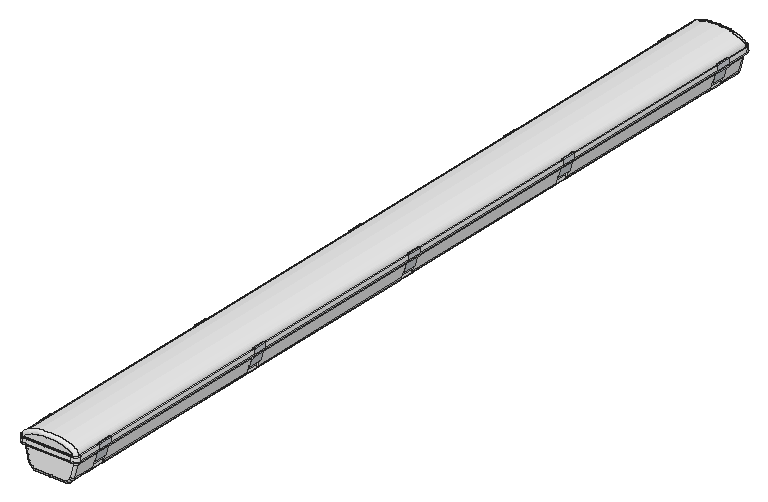
Revit family "0068074", category Lighting Fixtures, host Face, Revit 2017
Family settings
  Host = Face
  Round Connector Dimension = Use Diameter
  Part Type = Normal
  OmniClass Number = 23.80.70.11.14
  OmniClass Title = General Luminaries, Directional
  Cut with Voids When Loaded = Yes
  Light Source = Yes
  Shared = No
  Room Calculation Point = No
Parameters (values of type "0068074 ST WTRPRF GRP T 1500 HO IP65 8300LM 840Q")
  Width = 110 mm
  Weight = "2.73 kg"
  Wattage Comments = "n/a"
  Wattage = 67 W
  WarrantyStartDate [instance] = "n/a"
  WarrantyGuarantorParts = "n/a"
  WarrantyDurationUnit = "n/a"
  WarrantyDurationParts = "n/a"
  WarrantyDescription = "n/a"
  built-in parameter 1150110 = 1 (stored number, unit not read)
  Voltage = 0 V
  URL = "http://www.sylvania-lighting.com"
  TypeName = "START Waterproof GRP Twin 1500 HO IP65 8300lm 840Q"
  Type Image = <None>
  Type Comments = "n/a"
  built-in parameter 1114217 = 1 (stored number, unit not read)
  Tilt Angle = -90.00°
  built-in parameter 1150109 = 1 (stored number, unit not read)
  built-in parameter 1150134 = 12
  built-in parameter 1150113 = 1 (stored number, unit not read)
  SerialNumber [instance] = "n/a"
  ReflectorMaterial = none
  PowerFactor = 0.99
  PowerConsumption = "67 W"
  Photometric Web File = "0068074.ies"
  NominalWidth = 0 mm
  NominalLength = 1578 mm
  NominalHeight = 78 mm
  Name = "START Waterproof GRP Twin 1500 HO IP65 8300lm 840Q"
  ModelReference = "START Waterproof GRP Twin 1500 HO IP65 8300lm 840Q"
  ModelNumber = "0068074"
  Model = "START Waterproof GRP Twin 1500 HO IP65 8300lm 840Q"
  Material = "composite material housing, pc polycarbonate diffuser"
  ManufacturerName = "Feilo Sylvania"
  Manufacturer = "Feilo Sylvania"
  LuminousEfficacy = "124 lm/W"
  built-in parameter 1150105 = 661.13 (stored number, unit not read)
  Lumens = 8308 lm
  LuminaireType = ""
  built-in parameter 1150115 = 1 (stored number, unit not read)
  LightOutputRatio = "n/a"
  built-in parameter 1150137 = (empty or 0)
  built-in parameter 1150139 = (empty or 0)
  Length = 1572 mm
  LampsType = Lamp  # "LED"
  LampNominalLuminous = "8300 lm"
  LampMacAdamStep = "5"
  LampColourTemperature = "4000 K"
  LampColourRenderingIndex = "80"
  built-in parameter 1150112 = 1 (stored number, unit not read)
  built-in parameter 1150114 = 1 (stored number, unit not read)
  Lamp = "LED"
  Keynote = "16500"
  InstallationDate [instance] = "n/a"
  InputVoltage = "n/a"
  InputNominalFrequency = "n/a"
  built-in parameter 1150132 = (empty or 0)
  built-in parameter 1150102 = (empty or 0)
  built-in parameter 1150107 = 4000 (stored number, unit not read)
  built-in parameter 1150138 = (empty or 0)
  IngressProtection = "IP65"
  ImpactProtectionIndex = "IK08"
  built-in parameter 1150106 = 6.6113 (stored number, unit not read)
  IfcExportType = "IfcLightFixtureType"
  IfcExportAs = "IfcLightFixtureType"
  ExpectedLife = 50000
  Emit from Rectangle Width = Width - 20 mm  # 90 mm
  Emit from Rectangle Length = Length - 20 mm  # 1552 mm
  Emit Shape Visible in Rendering = no
  ElectricShockClassification = "Class I"
  built-in parameter 1150104 = 11.52 (stored number, unit not read)
  DurationUnit = "hours"
  DocumentationLiterature = "http://www.sylvania-lighting.com/product/en-int/products/0068074"
  DimmingControlOptions = "n/a"
  Dimming Lamp Color Temperature Shift = <None>
  DiffuserMaterial = Diffuser-Sylvania-Transparent
  Description = "Start Waterproof, integrated LED weatherproof luminaire, with UV stabilized flat diffuser and linear prisms designed to achieve uniform lit appearance, optimise light output and to reduce glare, stainless steel diffuser clips and fixing brackets for surface and wall mounting. Glass Reinforced Plastic housing for robustness, Polycarbonate diffuser, 8300lm, 67W, 124 lm/W, 4000 K, drive current 1010 mA, non dimmable, 3 hours emergency, CRI 80, IP65, IK08, Class I, nominal average life (h): 50000, 1578mm x 110mm x 78mm, energy class: A++ A+ A, D-mark"
  Default Elevation = 1219.2 mm
  CreatedOn = "10/3/2019"
  CreatedBy = "@sylvania-lighting.com"
  Cost = 0
  Color Filter = 16777215
  built-in parameter 1114216 [instance] = (empty or 0)
  ClassificationValue = "EF_70_80"
  ClassificationName = "Uniclass2015"
  BodyMaterial = Body-Sylvania-Gray
  BarCode [instance] = "n/a"
  built-in parameter 1114218 = 1 (stored number, unit not read)
  built-in parameter 1150133 = 10 (stored number, unit not read)
  AssetType = "Fixed"
  AssetIdentifier [instance] = "n/a"
  Assembly Code = "D5020200"
  Apparent Load = 67 VA
  AccessoryMaterial = Diffuser-Sylvania-Glow
Reference planes
  plane 1 "Center (Front/Back)": y = 0
  plane 2: z = 0
  plane 3 "Center (Left/Right)": x = 0
  plane 4: z = 54
  plane 5: x = -27.7
  plane 6: x = -34.8
  plane 7: x = -39.6
  plane 8: x = -42.2
  plane 9: z = 3
  plane 10: z = 7.8
  plane 11: z = 12.3
  plane 12: z = 36.6
  plane 13: z = 42.8
  plane 14: x = -51.1
  plane 15: z = 46.2
  plane 16: x = -55
  plane 17: y = 786
  plane 18: y = -786
  plane 19: x = 27.7
  plane 20: x = 34.8
  plane 21: x = 39.6
  plane 22: x = 42.2
  plane 23: x = 51.1
  plane 24: x = 55
  plane 25: y = 778.4
  plane 26: y = -778.4
  plane 27: y = -774.7
  plane 28: y = 774.7
  plane 29: z = 74
  plane 30: x = -51.5
  plane 31: x = 51.5
  plane 32: z = 55.2
  plane 33: y = -782.5
  plane 34: y = 782.5
  plane 35: x = -37.5
  plane 36: x = 37.5
  plane 37: x = -48.7
  plane 38: x = 48.7
  plane 39: x = 18
  plane 40: x = -18
  plane 41: z = 50.2
  plane 42: z = 24.6
  plane 43: y = 720
  plane 44: y = 706
  plane 45: y = 734
  plane 46: y = -720
  plane 47: y = 720
  plane 48: y = 706
  plane 49: y = 734
  plane 50: y = -720
  plane 51: y = -734
  plane 52: y = -706
  plane 53: y = 360
  plane 54: y = 346
  plane 55: y = 374
  plane 56: y = 0
  plane 57: y = -14
  plane 58: y = 14
  plane 59: y = -360
  plane 60: y = -374
  plane 61: y = -346
Forms (mm)
  Sweep 1, solid, material "Body-Sylvania-Gray" <- "BodyMaterial", detail levels medium+fine
    path origin (1223.4, -4572, 54) x (0, -1, 0) y (1, 0, 0)
      loop
        arc (-3796, -1278.4) -> (-3788.929, -1275.471) -> (-3786, -1268.4) r 10
        line (-3786, -1268.4) -> (-3786, -1178.4)
        arc (-3786, -1178.4) -> (-3788.929, -1171.329) -> (-3796, -1168.4) r 10
        line (-3796, -1168.4) -> (-5348, -1168.4)
        arc (-5348, -1168.4) -> (-5355.071, -1171.329) -> (-5358, -1178.4) r 10
        line (-5358, -1178.4) -> (-5358, -1268.4)
        arc (-5358, -1268.4) -> (-5355.071, -1275.471) -> (-5348, -1278.4) r 10
        line (-5348, -1278.4) -> (-3796, -1278.4)
    profile origin (-55, 0, 54) x (-1, 0, 0) y (0, 0, 1)
      loop
        line (0, 0) -> (-1, 0) -> (-1, -7.726)
        arc (-1, -7.726) -> (-1.994, -9.498) -> (-3.9, -10.2) r 2.937
        line (-3.9, -10.2) -> (-8.571, -10.2) -> (-8.571, -11.2) -> (-3.9, -11.2)
        arc (-3.9, -11.2) -> (-1.313, -10.231) -> (0, -7.8) r 3.937
        line (0, -7.8) -> (0, 0)
  Sweep 2, solid, material "Body-Sylvania-Gray" <- "BodyMaterial", detail levels medium+fine
    path origin (0, 0, 0) x (1, 0, 0) y (0, 0, 1)
      loop
        line (48.7, 42.8) -> (48.7, 36.6) -> (42.203, 12.31)
        arc (42.203, 12.31) -> (41.199, 9.884) -> (39.6, 7.8) r 10.052
        line (39.6, 7.8) -> (34.8, 3)
        arc (34.8, 3) -> (31.554, 0.781) -> (27.7, 0) r 9.902
        line (27.7, 0) -> (0, 0) -> (-27.7, 0)
        arc (-27.7, 0) -> (-31.554, 0.781) -> (-34.8, 3) r 9.902
        line (-34.8, 3) -> (-39.6, 7.8)
        arc (-39.6, 7.8) -> (-41.199, 9.884) -> (-42.203, 12.31) r 10.052
        line (-42.203, 12.31) -> (-48.7, 36.6) -> (-48.7, 42.8)
    profile origin (0, 0, 0) x (0, 0, -1) y (0, -1, 0)
      loop
        arc (0, 773.4) -> (-1.464, 776.936) -> (-5, 778.4) r 5
        line (-5, 778.4) -> (-7.8, 778.4) -> (-7.8, -778.4) -> (-5, -778.4)
        arc (-5, -778.4) -> (-1.464, -776.936) -> (0, -773.4) r 5
        line (0, -773.4) -> (0, 773.4)
  Extrusion 3, solid, material "Body-Sylvania-Gray" <- "BodyMaterial", detail levels medium+fine
    sketch origin (1524, 778.4, 1219.2) x (1, 0, 0) y (0, 0, 1)
      loop
        arc (-1558.668, -1204.874) -> (-1558.443, -1205.418) -> (-1558.085, -1205.885) r 2.252
        line (-1558.085, -1205.885) -> (-1553.231, -1210.738)
        arc (-1553.231, -1210.738) -> (-1552.534, -1211.227) -> (-1551.7, -1211.4) r 2.102
        line (-1551.7, -1211.4) -> (-1496.3, -1211.4)
        arc (-1496.3, -1211.4) -> (-1495.466, -1211.227) -> (-1494.769, -1210.738) r 2.102
        line (-1494.769, -1210.738) -> (-1489.915, -1205.885)
        arc (-1489.915, -1205.885) -> (-1489.557, -1205.418) -> (-1489.332, -1204.874) r 2.252
        line (-1489.332, -1204.874) -> (-1483.1, -1181.575) -> (-1483.1, -1176.4) -> (-1564.9, -1176.4) -> (-1564.9, -1181.575) -> (-1558.668, -1204.874)
    from 0 to 1556.8
  Sweep 4, solid, material "Diffuser-Sylvania-Transparent" <- "DiffuserMaterial", detail levels medium+fine
    path origin (0, 0, 0) x (1, 0, 0) y (0, 0, 1)
      loop
        spline (-51.5, 55.2) -> (-49.745, 60.066) -> (-44.6, 64.6) -> (-36.416, 68.494) -> (-25.75, 71.481) -> (-13.329, 73.359) -> (0, 74) -> (13.329, 73.359) -> (25.75, 71.481) -> (36.416, 68.494) -> (44.6, 64.6) -> (49.745, 60.066) -> (51.5, 55.2)
    profile origin (51.5, 0, 55.2) x (0, -1, 0) y (1, 0, 0)
      loop
        arc (782.5, -5.5) -> (780.889, -1.611) -> (777, 0) r 5.5
        line (777, 0) -> (-777, 0)
        arc (-777, 0) -> (-780.889, -1.611) -> (-782.5, -5.5) r 5.5
        line (-782.5, -5.5) -> (-782.5, -6.3) -> (-781.5, -6.3) -> (-781.5, -5.5)
        arc (-781.5, -5.5) -> (-780.182, -2.318) -> (-777, -1) r 4.5
        line (-777, -1) -> (777, -1)
        arc (777, -1) -> (780.182, -2.318) -> (781.5, -5.5) r 4.5
        line (781.5, -5.5) -> (781.5, -6.347) -> (782.5, -6.347) -> (782.5, -5.5)
  Extrusion 5, solid, material "Diffuser-Sylvania-Transparent" <- "DiffuserMaterial", detail levels medium+fine
    sketch origin (1524, -782.5, 1219.2) x (1, 0, 0) y (0, 0, 1)
      loop
        line (-1569.653, -1164) -> (-1478.347, -1164)
        spline (-1478.347, -1164) -> (-1478.969, -1162.594) -> (-1482.527, -1159.545) -> (-1489.588, -1156.201) -> (-1499.458, -1153.445) -> (-1511.242, -1151.663) -> (-1524, -1151.049) -> (-1536.758, -1151.663) -> (-1548.542, -1153.445) -> (-1558.412, -1156.201) -> (-1565.473, -1159.545) -> (-1569.031, -1162.594) -> (-1569.653, -1164)
    from 0 to -1
  Extrusion 6, solid, material "Diffuser-Sylvania-Transparent" <- "DiffuserMaterial", detail levels medium+fine
    sketch origin (1524, 782.5, 1219.2) x (1, 0, 0) y (0, 0, 1)
      loop
        spline (-1478.3, -1164) -> (-1478.931, -1162.565) -> (-1482.502, -1159.505) -> (-1489.572, -1156.155) -> (-1499.446, -1153.394) -> (-1511.236, -1151.614) -> (-1524, -1151.007) -> (-1536.764, -1151.614) -> (-1548.554, -1153.394) -> (-1558.428, -1156.155) -> (-1565.498, -1159.505) -> (-1569.069, -1162.565) -> (-1569.7, -1164)
        line (-1569.7, -1164) -> (-1478.3, -1164)
    from 0 to 1
  Extrusion 7, solid, material "Diffuser-Sylvania-Transparent" <- "DiffuserMaterial", detail levels medium+fine
    sketch origin (1223.4, -4572, 55.2) x (0, -1, 0) y (-1, 0, 0)
      loop
        arc (-5353.5, 1177.4) -> (-5352.182, 1174.218) -> (-5349, 1172.9) r 4.5
        line (-5349, 1172.9) -> (-3795, 1172.9)
        arc (-3795, 1172.9) -> (-3791.818, 1174.218) -> (-3790.5, 1177.4) r 4.5
        line (-3790.5, 1177.4) -> (-3790.5, 1269.4)
        arc (-3790.5, 1269.4) -> (-3791.818, 1272.582) -> (-3795, 1273.9) r 4.5
        line (-3795, 1273.9) -> (-5349, 1273.9)
        arc (-5349, 1273.9) -> (-5352.182, 1272.582) -> (-5353.5, 1269.4) r 4.5
        line (-5353.5, 1269.4) -> (-5353.5, 1177.4)
      loop
        line (-5358, 1268.4) -> (-5358, 1178.4)
        arc (-5358, 1178.4) -> (-5355.071, 1171.329) -> (-5348, 1168.4) r 10
        line (-5348, 1168.4) -> (-3796, 1168.4)
        arc (-3796, 1168.4) -> (-3788.929, 1171.329) -> (-3786, 1178.4) r 10
        line (-3786, 1178.4) -> (-3786, 1268.4)
        arc (-3786, 1268.4) -> (-3788.929, 1275.471) -> (-3796, 1278.4) r 10
        line (-3796, 1278.4) -> (-5348, 1278.4)
        arc (-5348, 1278.4) -> (-5355.071, 1275.471) -> (-5358, 1268.4) r 10
    from 0 to 1.2
  Extrusion 8, solid, material "Diffuser-Sylvania-Glow" <- "AccessoryMaterial", detail levels fine
    sketch origin (0, 0, 0) x (1, 0, 0) y (0, 0, 1)
      loop
        circle (-18, 50.2) r 8
      loop
        circle (18, 50.2) r 8
    from -774.7 to 774.7
  Extrusion 9, void
    sketch origin (0, 720, 2343.807) x (0, 0, -1) y (-1, 0, 0)
      loop
        line (2340.807, -37.5) -> (2331.507, -37.5) -> (2319.207, -42.2) -> (2319.207, -48.7) -> (2340.807, -48.7) -> (2340.807, -37.5)
      loop
        line (2340.807, 37.5) -> (2340.807, 48.7) -> (2319.207, 48.7) -> (2319.207, 42.2) -> (2331.507, 37.5) -> (2340.807, 37.5)
    from -14 to 14
  Extrusion 10, solid, material "Body-Sylvania-Gray" <- "BodyMaterial", detail levels coarse
    sketch origin (0, 0, 0) x (1, 0, 0) y (0, 0, 1)
      loop
        line (55, 42.8) -> (55, 55.2) -> (-55, 55.2) -> (-55, 42.791) -> (-42.2, 0) -> (42.2, 0) -> (55, 42.8)
    from -786 to 786
  Extrusion 11, solid, material "Diffuser-Sylvania-Transparent" <- "DiffuserMaterial", detail levels coarse
    sketch origin (0, 0, 0) x (1, 0, 0) y (0, 0, 1)
      loop
        arc (51.5, 55.2) -> (0, 74) -> (-51.5, 55.2) r 79.939
        line (-51.5, 55.2) -> (51.5, 55.2)
    from 778.4 to -778.4
  Extrusion 12, void, not visible
    sketch origin (0, 720, 2343.807) x (0, 0, -1) y (-1, 0, 0)
      loop
        line (2340.807, -37.5) -> (2331.507, -37.5) -> (2319.207, -42.2) -> (2319.207, -48.7) -> (2340.807, -48.7) -> (2340.807, -37.5)
      loop
        line (2340.807, 37.5) -> (2340.807, 48.7) -> (2319.207, 48.7) -> (2319.207, 42.2) -> (2331.507, 37.5) -> (2340.807, 37.5)
    from -14 to 14
  Extrusion 13, void
    sketch origin (0, -720, 2343.807) x (0, 0, -1) y (-1, 0, 0)
      loop
        line (2340.807, -37.5) -> (2331.507, -37.5) -> (2319.207, -42.2) -> (2319.207, -48.7) -> (2340.807, -48.7) -> (2340.807, -37.5)
      loop
        line (2340.807, 37.5) -> (2340.807, 48.7) -> (2319.207, 48.7) -> (2319.207, 42.2) -> (2331.507, 37.5) -> (2340.807, 37.5)
    from -14 to 14
  Extrusion 14, void
    sketch origin (0, 360, 2343.807) x (0, 0, -1) y (-1, 0, 0)
      loop
        line (2340.807, -37.5) -> (2331.507, -37.5) -> (2319.207, -42.2) -> (2319.207, -48.7) -> (2340.807, -48.7) -> (2340.807, -37.5)
      loop
        line (2340.807, 37.5) -> (2340.807, 48.7) -> (2319.207, 48.7) -> (2319.207, 42.2) -> (2331.507, 37.5) -> (2340.807, 37.5)
    from -14 to 14
  Extrusion 15, void
    sketch origin (0, 0, 2343.807) x (0, 0, -1) y (-1, 0, 0)
      loop
        line (2340.807, -37.5) -> (2331.507, -37.5) -> (2319.207, -42.2) -> (2319.207, -48.7) -> (2340.807, -48.7) -> (2340.807, -37.5)
      loop
        line (2340.807, 37.5) -> (2340.807, 48.7) -> (2319.207, 48.7) -> (2319.207, 42.2) -> (2331.507, 37.5) -> (2340.807, 37.5)
    from -14 to 14
  Extrusion 16, void
    sketch origin (0, -360, 2343.807) x (0, 0, -1) y (-1, 0, 0)
      loop
        line (2340.807, -37.5) -> (2331.507, -37.5) -> (2319.207, -42.2) -> (2319.207, -48.7) -> (2340.807, -48.7) -> (2340.807, -37.5)
      loop
        line (2340.807, 37.5) -> (2340.807, 48.7) -> (2319.207, 48.7) -> (2319.207, 42.2) -> (2331.507, 37.5) -> (2340.807, 37.5)
    from -14 to 14
Cuts and joins
  Extrusion 9, Extrusion 13, Extrusion 14, Extrusion 15, Extrusion 16 cuts Sweep 2
  Extrusion 13, Extrusion 14, Extrusion 15, Extrusion 16 cuts Extrusion 3
  joined: Sweep 2, Extrusion 3
  joined: Sweep 4, Extrusion 5, Extrusion 6
Dimensions and locks
  locked: plane 4 to plane 2 at 54
  plane 5 to plane 6 to plane 7 to plane 8 to plane 14 to plane 16 = 7.1 mm locked, 4.8 mm locked, 2.6 mm locked, 8.9 mm, 3.9 mm
  plane 4 to plane 15 to plane 13 to plane 12 to plane 11 to plane 10 to plane 9 = 7.8 mm locked, 3.4 mm, 6.2 mm locked, 24.3 mm locked, 4.5 mm locked, 4.8 mm locked
  equal spacing: plane 18, plane 1 "Center (Front/Back)", plane 17
  "Length": plane 18 to plane 17
  plane 19 to plane 20 to plane 21 to plane 22 to plane 23 to plane 24 = 7.1 mm locked, 4.8 mm locked, 2.6 mm locked, 8.9 mm, 3.9 mm
  equal spacing: plane 24, plane 3 "Center (Left/Right)", plane 16
  "Width": plane 24 to plane 16
  equal spacing: plane 27, plane 1 "Center (Front/Back)", plane 28
  locked: plane 26 to plane 27 at 3.7
  locked: Sweep 1 sketch curve to profile plane at 1
  locked: Sweep 1 sketch curve to plane 13 at 1
  locked: Sweep 1 sketch curve to plane 13 at 3.937  (x2)
  locked: Sweep 1 sketch curve to profile plane at 3.9  (x2)
  locked: plane 29 to plane 4 at 20
  equal spacing: plane 31, plane 3 "Center (Left/Right)", plane 30
  locked: plane 30 to plane 16 at 3.5
  locked: plane 32 to plane 4 at 1.2
  equal spacing: plane 33, plane 1 "Center (Front/Back)", plane 34
  equal spacing: plane 36, plane 3 "Center (Left/Right)", plane 35
  locked: plane 3 "Center (Left/Right)" to plane 35 at 37.5
  locked: plane 34 to plane 17 at 3.5
  equal spacing: plane 38, plane 3 "Center (Left/Right)", plane 37
  locked: plane 37 to plane 16 at 6.3
  equal spacing: plane 25, plane 1 "Center (Front/Back)", plane 26
  locked: plane 17 to plane 25 at 7.6
  locked: Sweep 2 sketch curve to plane 2 at 5  (x2)
  locked: Sweep 2 sketch curve to plane 26 at 5
  locked: plane 25 to Sweep 2 sketch curve at 5
  locked: Sweep 4 sketch curve to plane 31 at 5.5  (x2)
  locked: Sweep 4 sketch curve to plane 34 at 5.5
  plane 33 to Sweep 4 sketch curve = 5.5 mm
  locked: plane 34 to Sweep 4 sketch curve at 1
  locked: Sweep 4 sketch curve to plane 31 at 1
  locked: Sweep 4 sketch curve to Sweep 4 sketch curve at 1
  locked: Sweep 4 sketch curve to plane 31 at 6.347
  locked: Sweep 4 sketch curve to plane 31 at 6.3
  equal spacing: plane 39, plane 3 "Center (Left/Right)", plane 40
  locked: plane 3 "Center (Left/Right)" to plane 40 at 18
  locked: plane 42 to plane 2 at 24.6
  plane 45 to plane 43 to plane 44 = 14 mm locked, 14 mm locked
  locked: plane 17 to plane 43 at 66
  equal spacing: plane 43, plane 1 "Center (Front/Back)", plane 46
  plane 49 to plane 47 to plane 48 = 14 mm locked, 14 mm locked
  plane 52 to plane 50 to plane 51 = 14 mm locked, 14 mm locked  (x2)
  equal spacing: group 1, group 6, group 7, group 8, group 5  (x2)
  equal spacing: group 5, group 8, group 7, group 6, group 1
  plane 55 to plane 53 to plane 54 = 14 mm locked, 14 mm locked  (x2)
  plane 58 to plane 56 to plane 57 = 14 mm locked, 14 mm locked  (x2)
  plane 61 to plane 59 to plane 60 = 14 mm locked, 14 mm locked  (x2)
  plane 43 to plane 53 to plane 1 "Center (Front/Back)" to plane 59 to plane 50 = 360 mm locked, 360 mm locked, 360 mm locked, 360 mm locked
  aligned and locked: plane 2 to host face
  aligned and locked: level to host face
  aligned and locked: plane 16 to Sweep 1 sketch curve
  aligned and locked: Sweep 1 sketch curve to plane 24
  aligned and locked: plane 18 to Sweep 1 sketch curve
  aligned and locked: Sweep 1 sketch curve to plane 13
  aligned and locked: profile plane to Sweep 1 sketch curve
  aligned and locked: plane 3 "Center (Left/Right)" to Sweep 2 sketch curve
  aligned and locked: plane 9 to Sweep 2 sketch curve
  aligned and locked: plane 10 to Sweep 2 sketch curve
  aligned and locked: plane 37 to Sweep 2 sketch curve
  aligned and locked: plane 12 to Sweep 2 sketch curve
  aligned and locked: Sweep 2 sketch curve to level
  aligned and locked: plane 21 to Sweep 2 sketch curve
  aligned and locked: plane 38 to Sweep 2 sketch curve
  aligned and locked: profile plane to Sweep 2 sketch curve
  aligned and locked: plane 25 to Sweep 2 sketch curve
  aligned and locked: Sweep 2 sketch curve to plane 10
  aligned and locked: Extrusion 3 sketch curve to Sweep 2  (x7)
  aligned and locked: Sweep 2 to Extrusion 3 sketch curve
  aligned and locked: Extrusion 3 to plane 25
  aligned and locked: plane 26 to Extrusion 3
  aligned and locked: plane 32 to Sweep 4 sketch curve
  aligned and locked: plane 33 to Sweep 4 sketch curve
  aligned and locked: Sweep 4 to Extrusion 5
  aligned and locked: plane 33 to Extrusion 5
  aligned and locked: Extrusion 5 sketch curve to Sweep 4
  aligned and locked: cut or joined group of Sweep 4, Extrusion 5, Extrusion 6 to Extrusion 6 sketch curve
  aligned and locked: Extrusion 7 sketch curve to cut or joined group of Sweep 4, Extrusion 5, Extrusion 6  (x2)
  aligned and locked: cut or joined group of Sweep 4, Extrusion 5, Extrusion 6 to Extrusion 7 sketch curve  (x2)
  aligned and locked: plane 41 to Extrusion 8 sketch curve  (x2)
  aligned and locked: plane 39 to Extrusion 8 sketch curve
  aligned and locked: plane 27 to Extrusion 8
  aligned and locked: Extrusion 8 to plane 28
  aligned and locked: Extrusion 9 to plane 42
  aligned and locked: plane 9 to Extrusion 9
  aligned and locked: plane 44 to Extrusion 9
  aligned and locked: Extrusion 9 to plane 45
  aligned and locked: Extrusion 7 sketch curve to Sweep 1  (x4)
  aligned and locked: plane 4 to Extrusion 7
  aligned and locked: Extrusion 7 to plane 32
  aligned and locked: nested 2 to plane 43
  aligned and locked: plane 43 to nested 1
  aligned and locked: Extrusion 10 sketch curve to plane 24
  aligned and locked: Extrusion 10 sketch curve to Extrusion 7
  aligned and locked: plane 8 to Extrusion 10 sketch curve
  aligned and locked: plane 22 to Extrusion 10 sketch curve
  aligned and locked: level to Extrusion 10 sketch curve
  aligned and locked: Extrusion 10 to plane 17
  aligned and locked: plane 18 to Extrusion 10
  aligned and locked: cut or joined group of Sweep 4, Extrusion 5, Extrusion 6 to Extrusion 11 sketch curve
  aligned and locked: Extrusion 11 sketch curve to cut or joined group of Sweep 4, Extrusion 5, Extrusion 6  (x2)
  aligned and locked: plane 31 to Extrusion 11 sketch curve
  aligned and locked: plane 30 to Extrusion 11 sketch curve
  aligned and locked: plane 26 to Extrusion 11
  aligned and locked: Extrusion 11 to plane 25
  aligned and locked: imposter light to plane 29
  aligned and locked: plane 3 "Center (Left/Right)" to imposter light
  aligned and locked: plane 1 "Center (Front/Back)" to imposter light
  aligned and locked: plane 51 to Extrusion 13
  aligned and locked: Extrusion 13 to plane 52
  aligned and locked: plane 54 to Extrusion 14
  aligned and locked: Extrusion 14 to plane 55
  aligned and locked: plane 57 to Extrusion 15
  aligned and locked: Extrusion 15 to plane 58
  aligned and locked: plane 60 to Extrusion 16
  aligned and locked: Extrusion 16 to plane 61
  aligned and locked: nested 3 to plane 53
  aligned and locked: plane 53 to nested 10
  aligned and locked: nested 4 to plane 56
  aligned and locked: plane 56 to nested 9
  aligned and locked: nested 5 to plane 59
  aligned and locked: plane 59 to nested 8
  aligned and locked: nested 6 to plane 50
  aligned and locked: plane 50 to nested 7
Automatic sketch dimensions
  host sketch curve to host sketch curve = 2438.4 mm  (x2)
  plane 17 to Sweep 1 sketch curve = 0 mm
  Sweep 1 sketch curve to plane 28 = 1.3 mm
  Sweep 1 sketch curve to plane 7 = 5.4 mm
  plane 27 to Sweep 1 sketch curve = 1.3 mm  (x2)
  Sweep 1 sketch curve to Sweep 1 sketch curve = 4.671 mm
  Sweep 1 sketch curve to plane 4 = 0 mm
  Sweep 2 sketch curve to plane 7 = 0 mm
  Sweep 2 sketch curve to plane 6 = 0 mm
  Sweep 2 sketch curve to plane 5 = 0 mm
  plane 19 to Sweep 2 sketch curve = 0 mm
  Sweep 2 sketch curve to plane 9 = 0 mm
  plane 20 to Sweep 2 sketch curve = 0 mm
  Sweep 2 sketch curve to plane 12 = 0 mm
  Sweep 2 sketch curve to plane 10 = 0 mm
  Sweep 2 sketch curve to plane 13 = 0 mm  (x2)
  Sweep 2 sketch curve to plane 8 = 0.003 mm
  plane 6 to Sweep 2 sketch curve = 2.308 mm
  plane 20 to Sweep 2 sketch curve = 2.308 mm
  Sweep 2 sketch curve to plane 22 = 0.003 mm
  Sweep 2 sketch curve to plane 11 = 0.01 mm  (x2)
  Extrusion 3 sketch curve to plane 5 = 0 mm
  plane 19 to Extrusion 3 sketch curve = 0 mm
  plane 6 to Extrusion 3 sketch curve = 0.132 mm
  plane 6 to Extrusion 3 sketch curve = 0.715 mm
  Extrusion 3 sketch curve to Extrusion 3 sketch curve = 1.592 mm
  Extrusion 3 sketch curve to plane 10 = 0.662 mm  (x2)
  plane 20 to Extrusion 3 sketch curve = 2.308 mm
  plane 20 to Extrusion 3 sketch curve = 0.715 mm
  plane 20 to Extrusion 3 sketch curve = 0.132 mm
  Sweep 4 sketch curve to plane 30 = 0 mm
  Sweep 4 sketch curve to plane 3 "Center (Left/Right)" = 0 mm
  Sweep 4 sketch curve to Sweep 4 sketch curve = 0 mm  (x2)
  plane 37 to Extrusion 5 sketch curve = 3.047 mm
  Extrusion 5 sketch curve to plane 38 = 3.047 mm
  plane 37 to Extrusion 6 sketch curve = 3 mm
  Extrusion 6 sketch curve to plane 38 = 3 mm
  plane 25 to Extrusion 7 sketch curve = 1.4 mm  (x2)
  Extrusion 7 sketch curve to plane 26 = 1.4 mm  (x2)
  Extrusion 8 sketch curve to plane 40 = 0 mm
  Extrusion 9 sketch curve to Extrusion 9 sketch curve = 0 mm
  Extrusion 9 sketch curve to Extrusion 9 sketch curve = 12.3 mm  (x2)
  Extrusion 9 sketch curve to Extrusion 9 sketch curve = 9.3 mm  (x2)
  Extrusion 9 sketch curve to Extrusion 9 sketch curve = 6.5 mm
  Extrusion 9 sketch curve to Extrusion 9 sketch curve = 4.7 mm  (x2)
  Extrusion 9 sketch curve to Extrusion 9 sketch curve = 75 mm
  Extrusion 9 sketch curve to Extrusion 9 sketch curve = 11.2 mm
  Extrusion 10 sketch curve to plane 13 = 0 mm
  plane 13 to Extrusion 10 sketch curve = 0.009 mm
  Extrusion 11 sketch curve to level = 5.939 mm
  Extrusion 10 sketch curve to plane 16 = 0 mm
  Extrusion 12 sketch curve to Extrusion 12 sketch curve = 0 mm
  Extrusion 12 sketch curve to Extrusion 12 sketch curve = 12.3 mm  (x2)
  Extrusion 12 sketch curve to Extrusion 12 sketch curve = 9.3 mm  (x2)
  Extrusion 12 sketch curve to Extrusion 12 sketch curve = 6.5 mm
  Extrusion 12 sketch curve to Extrusion 12 sketch curve = 4.7 mm  (x2)
  Extrusion 12 sketch curve to Extrusion 12 sketch curve = 75 mm
  Extrusion 12 sketch curve to Extrusion 12 sketch curve = 11.2 mm
  Extrusion 13 sketch curve to Extrusion 13 sketch curve = 0 mm
  Extrusion 13 sketch curve to Extrusion 13 sketch curve = 12.3 mm  (x2)
  Extrusion 13 sketch curve to Extrusion 13 sketch curve = 9.3 mm  (x2)
  Extrusion 13 sketch curve to Extrusion 13 sketch curve = 6.5 mm
  Extrusion 13 sketch curve to Extrusion 13 sketch curve = 4.7 mm  (x2)
  Extrusion 13 sketch curve to Extrusion 13 sketch curve = 75 mm
  Extrusion 13 sketch curve to Extrusion 13 sketch curve = 11.2 mm
  Extrusion 14 sketch curve to Extrusion 14 sketch curve = 0 mm
  Extrusion 14 sketch curve to Extrusion 14 sketch curve = 12.3 mm  (x2)
  Extrusion 14 sketch curve to Extrusion 14 sketch curve = 9.3 mm  (x2)
  Extrusion 14 sketch curve to Extrusion 14 sketch curve = 6.5 mm
  Extrusion 14 sketch curve to Extrusion 14 sketch curve = 4.7 mm  (x2)
  Extrusion 14 sketch curve to Extrusion 14 sketch curve = 75 mm
  Extrusion 14 sketch curve to Extrusion 14 sketch curve = 11.2 mm
  Extrusion 15 sketch curve to Extrusion 15 sketch curve = 0 mm
  Extrusion 15 sketch curve to Extrusion 15 sketch curve = 12.3 mm  (x2)
  Extrusion 15 sketch curve to Extrusion 15 sketch curve = 9.3 mm  (x2)
  Extrusion 15 sketch curve to Extrusion 15 sketch curve = 6.5 mm
  Extrusion 15 sketch curve to Extrusion 15 sketch curve = 4.7 mm  (x2)
  Extrusion 15 sketch curve to Extrusion 15 sketch curve = 75 mm
  Extrusion 15 sketch curve to Extrusion 15 sketch curve = 11.2 mm
  Extrusion 16 sketch curve to Extrusion 16 sketch curve = 0 mm
  Extrusion 16 sketch curve to Extrusion 16 sketch curve = 12.3 mm  (x2)
  Extrusion 16 sketch curve to Extrusion 16 sketch curve = 9.3 mm  (x2)
  Extrusion 16 sketch curve to Extrusion 16 sketch curve = 6.5 mm
  Extrusion 16 sketch curve to Extrusion 16 sketch curve = 4.7 mm  (x2)
  Extrusion 16 sketch curve to Extrusion 16 sketch curve = 75 mm
  Extrusion 16 sketch curve to Extrusion 16 sketch curve = 11.2 mm
  radius of Extrusion 8 sketch curve = 8 mm  (x2)
Nested families
  nested 1: "Clip" at (42.2, 720, 24.6), type "Clip", detail levels fine
  nested 2: "Clip" at (-42.2, 720, 24.6) x (-1, 0, 0) z (0, 0, 1), type "Clip", detail levels fine
  nested 3: "Clip" at (-42.2, 360, 24.6) x (-1, 0, 0) z (0, 0, 1), type "Clip", detail levels fine
  nested 4: "Clip" at (-42.2, 0, 24.6) x (-1, 0, 0) z (0, 0, 1), type "Clip", detail levels fine
  nested 5: "Clip" at (-42.2, -360, 24.6) x (-1, 0, 0) z (0, 0, 1), type "Clip", detail levels fine
  nested 6: "Clip" at (-42.2, -720, 24.6) x (-1, 0, 0) z (0, 0, 1), type "Clip", detail levels fine
  nested 7: "Clip" at (42.2, -720, 24.6), type "Clip", detail levels fine
  nested 8: "Clip" at (42.2, -360, 24.6), type "Clip", detail levels fine
  nested 9: "Clip" at (42.2, 0, 24.6), type "Clip", detail levels fine
  nested 10: "Clip" at (42.2, 360, 24.6), type "Clip", detail levels fine
Connectors
  electrical at (0, 0, 0), driven by "Apparent Load"
    settings: index 1, voltage 230 V, apparent load 67 VA, apparent load phase1 0 VA, apparent load phase2 0 VA, apparent load phase3 0 VA, power factor 0, load classification "Lighting", number of poles 1, system type 30, power factor state 1, is connector primary yes, connector utility no, sub classification motor no, connector description ""
Definition of nested family "Clip"
  Parameters (values of type "Clip")
    URL = "http://www.feilosylvania.com"
    Type Comments = "n/a"
    Model = "n/a"
    Manufacturer = "Feilo Sylvania"
    Keynote = "n/a"
    Description = "n/a"
    Default Elevation = 1219.2 mm
    Cost = 0
    BodyMaterial = none
    Assembly Code = "n/a"
  Reference planes
    plane 1 "Center (Front/Back)": y = 0
    plane 2: z = 0
    plane 3 "Center (Left/Right)": x = 0
    plane 4: x = 3.3
    plane 5: x = 6.5
    plane 6: x = 8.9
    plane 7: x = 12.8
    plane 8: z = 12
    plane 9: z = 18.2
    plane 10: z = 21.6
    plane 11: z = 30.6
    plane 12: x = 9.3
    plane 13: z = 19.2
    plane 14: z = 16.2
    plane 15: x = 10.1
    plane 16: y = 12
    plane 17: y = -12
  Forms (mm)
    Extrusion 1, solid
      sketch origin (-0.8, 0, 0) x (1, 0, 0) y (0, 1, 0)
        loop
          line (-1219.2, 1219.2) -> (-1219.2, -1219.2) -> (1219.2, -1219.2) -> (1219.2, 1219.2) -> (-1219.2, 1219.2)
      from 0 to -304.8
    Extrusion 2, solid
      sketch origin (0, 0, 0) x (1, 0, 0) y (0, 0, 1)
        loop
          line (8.9, 16.2) -> (4.58, 0) -> (0, 0) -> (0, -0.8) -> (5.195, -0.8) -> (9.603, 15.731) -> (13.6, 18.806) -> (13.6, 30.6)
          arc (13.6, 30.6) -> (11.45, 32.75) -> (9.3, 30.6) r 2.15
          line (9.3, 30.6) -> (10.1, 30.6)
          arc (10.1, 30.6) -> (11.45, 31.95) -> (12.8, 30.6) r 1.35
          line (12.8, 30.6) -> (12.8, 19.2) -> (8.9, 16.2)
      from -12 to 12
  Lines and regions (mm)
    reference lines
      curve 1: line (3.3, 0, 0) -> (6.5, 0, 12)
      curve 2: arc (8.9, 0, 18.2) -> (11.488, 0, 19.169) -> (12.8, 0, 21.6) r 3.934
  Dimensions and locks
    plane 7 to plane 6 to plane 5 to plane 4 to plane 3 "Center (Left/Right)" = 3.9 mm locked, 2.4 mm locked, 3.2 mm locked, 3.3 mm locked
    plane 11 to plane 10 to plane 9 to plane 8 to plane 2 = 9 mm locked, 3.4 mm locked, 6.2 mm locked, 12 mm locked
    locked: plane 7 to plane 12 at 3.5
    locked: plane 13 to plane 9 at 1
    locked: plane 9 to plane 14 at 2
    locked: plane 15 to plane 12 at 0.8
    locked: plane 2 to Extrusion 2 sketch curve at 0.8
    locked: Extrusion 2 sketch curve to Extrusion 2 sketch curve at 0.8  (x3)
    locked: plane 7 to Extrusion 2 sketch curve at 1.35
    equal spacing: plane 17, plane 1 "Center (Front/Back)", plane 16
    locked: plane 1 "Center (Front/Back)" to plane 16 at 12
    aligned and locked: plane 2 to Extrusion 1
    aligned and locked: level to Extrusion 1
    aligned and locked: plane 4 to curve 1
    aligned and locked: plane 5 to curve 1
    aligned and locked: plane 6 to curve 2
    aligned and locked: plane 10 to curve 2
    aligned and locked: plane 14 to Extrusion 2 sketch curve
    aligned and locked: plane 13 to Extrusion 2 sketch curve
    aligned and locked: plane 7 to Extrusion 2 sketch curve
    aligned and locked: plane 3 "Center (Left/Right)" to Extrusion 2 sketch curve
    aligned and locked: Extrusion 2 sketch curve to level
    aligned and locked: Extrusion 2 sketch curve to plane 11
    aligned and locked: plane 11 to Extrusion 2 sketch curve
    aligned and locked: Extrusion 2 to plane 16
    aligned and locked: plane 17 to Extrusion 2
  Automatic sketch dimensions
    Extrusion 1 sketch curve to Extrusion 1 sketch curve = 2438.4 mm  (x2)
    curve 2 to plane 7 = 0 mm
    curve 1 to level = 0 mm
    curve 1 to plane 8 = 0 mm
    curve 2 to plane 9 = 0 mm
    plane 6 to curve 2 = 0.002 mm
    Extrusion 2 sketch curve to Extrusion 2 sketch curve = 0 mm
    Extrusion 2 sketch curve to plane 6 = 0 mm
    plane 4 to Extrusion 2 sketch curve = 1.28 mm
